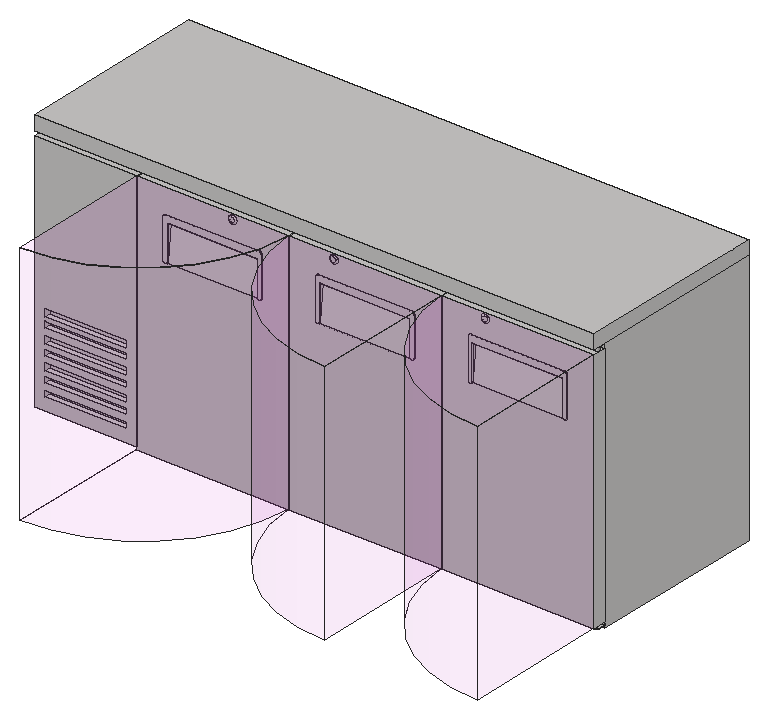
Revit family "QF_True_TBB24-72-3S-Z1-SFT-S-1_Solid_Swing_Door_Back_Bar", category Specialty Equipment, Revit 2021 (continued)
Definition of nested family "Family3"
  Definition of nested family "5 INCHES 01_CASTER 2"
    Reference planes (in)
      plane 2 "RIGHT": x = 0
      plane 3 "FRONT": y = 0
      plane 4 "TOP": z = 5
    Forms (in)
      Revolve 1, solid, visible <- "Show 5" Casters"
        sketch origin (-1.93794, 0.99859, -1.0041) x (1, 0, 0) y (0, 0, 1)
          loop
            line (0.74055, 3.0041) -> (0.74055, 2.9286) -> (0.79055, 2.8786) -> (0.85055, 2.8786) -> (0.85055, 2.75852) -> (1.235, 2.75852) -> (1.235, 2.56618) -> (1.37557, 2.48502) -> (1.49133, 1.76972) -> (1.34375, 1.76972) -> (1.34375, 1.53535) -> (1.375, 1.53535) -> (1.375, 1.0041) -> (2.48438, 1.0041) -> (2.48438, 1.53535) -> (2.51563, 1.53535) -> (2.51563, 1.76972) -> (2.36805, 1.76972) -> (2.48438, 2.48853) -> (2.62438, 2.56936) -> (2.62438, 2.75852) -> (3.04007, 2.75852) -> (3.04007, 2.8786) -> (3.10007, 2.8786) -> (3.15007, 2.9286) -> (3.15007, 3.0041) -> (0.74055, 3.0041)
          axis (0.74055, 3.0041) -> (3.15007, 3.0041)
        angle from 0 to 360
      Extrusion 2, solid, visible <- "Show 5" Casters"
        sketch origin (-1.93794, 1.96337, -0.7541) x (0, 1, 0) y (0, 0, 1)
          loop
            line (-3.37739, 5.33423) -> (-3.37739, 4.92712) -> (-2.49294, 4.92712)
            arc (-2.49294, 4.92712) -> (-1.47209, 4.91752) -> (-0.46376, 4.75787) r 6.92153
            arc (-0.46376, 4.75787) -> (0.14199, 4.53396) -> (0.67481, 4.16904) r 2.62713
            line (0.67481, 4.16904) -> (0.7876, 4.33012)
            arc (0.7876, 4.33012) -> (0.48098, 4.5674) -> (0.13288, 4.73811) r 1.91675
            line (0.13288, 4.73811) -> (0.21197, 4.87494)
            arc (0.21197, 4.87494) -> (-0.1576, 5.02102) -> (-0.54934, 5.08775) r 1.91675
            line (-0.54934, 5.08775) -> (-0.54934, 5.33423) -> (-3.37739, 5.33423)
        from 1.17357 to 2.70231
      Revolve 3, solid, visible <- "Show 5" Casters"
        sketch origin (0, 2.15543, -1.25) x (0, 1, 0) y (0, 0, 1)
          loop
            line (-2.21793, 6.25) -> (-2.21793, 5.83014) -> (-1.05793, 5.83014) -> (-1.05793, 6.25) -> (-2.21793, 6.25)
          axis (-2.21793, 5.83014) -> (-2.21793, 6.25)
        angle from 0 to 360
      Extrusion 4, solid, visible <- "Show 5" Casters"
        sketch origin (-1.98481, 1.96337, -0.7541) x (0, 1, 0) y (0, 0, 1)
          loop
            line (-3.37739, 5.33423) -> (-3.37739, 4.92712) -> (-3.13361, 4.92712)
            arc (-3.13361, 4.92712) -> (-2.12623, 3.92533) -> (-1.55834, 2.62307) r 3.79122
            arc (-1.55834, 2.62307) -> (-0.81477, 2.14247) -> (-0.31772, 2.87515) r 0.63314
            arc (-0.31772, 2.87515) -> (-0.02244, 3.67728) -> (0.68637, 4.15498) r 1.39003
            line (0.68637, 4.15498) -> (0.7876, 4.33012)
            arc (0.7876, 4.33012) -> (0.48098, 4.5674) -> (0.13288, 4.73811) r 1.91675
            line (0.13288, 4.73811) -> (0.21197, 4.87494)
            arc (0.21197, 4.87494) -> (-0.1576, 5.02102) -> (-0.54934, 5.08775) r 1.91675
            line (-0.54934, 5.08775) -> (-0.54934, 5.33423) -> (-3.37739, 5.33423)
        from 2.74918 to 2.90825
      Extrusion 5, solid, visible <- "Show 5" Casters"
        sketch origin (1.98481, 1.96337, -0.7541) x (0, 1, 0) y (0, 0, -1)
          loop
            line (-3.37739, -5.33423) -> (-0.54934, -5.33423) -> (-0.54934, -5.08775)
            arc (-0.54934, -5.08775) -> (-0.1576, -5.02102) -> (0.21197, -4.87494) r 1.91675
            line (0.21197, -4.87494) -> (0.13288, -4.73811)
            arc (0.13288, -4.73811) -> (0.48098, -4.5674) -> (0.7876, -4.33012) r 1.91675
            line (0.7876, -4.33012) -> (0.68637, -4.15498)
            arc (0.68637, -4.15498) -> (-0.02244, -3.67728) -> (-0.31772, -2.87515) r 1.39003
            arc (-0.31772, -2.87515) -> (-0.81477, -2.14247) -> (-1.55834, -2.62307) r 0.63314
            arc (-1.55834, -2.62307) -> (-2.12623, -3.92533) -> (-3.13361, -4.92712) r 3.79122
            line (-3.13361, -4.92712) -> (-3.37739, -4.92712) -> (-3.37739, -5.33423)
        from 2.74918 to 2.90825
      Extrusion 6, solid, visible <- "Key Locks"
        sketch origin (-0.96875, 2.04726, -0.57589) x (0, 1, 0) y (0, 0, -1)
          loop
            line (-2.58496, -2.03961) -> (-1.89213, -2.43961) -> (-1.53273, -2.64711)
            arc (-1.53273, -2.64711) -> (-1.45411, -2.76529) -> (-1.38688, -2.89031) r 1.51617
            arc (-1.38688, -2.89031) -> (-1.13602, -3.13035) -> (-0.79652, -3.20306) r 0.63657
            arc (-0.79652, -3.20306) -> (-0.67098, -3.20163) -> (-0.54633, -3.21661) r 0.9589
            line (-0.54633, -3.21661) -> (0.23309, -3.66661) -> (0.42979, -3.32592)
            arc (0.42979, -3.32592) -> (0.46473, -3.10362) -> (0.3415, -2.91533) r 0.313
            line (0.3415, -2.91533) -> (0.21087, -3.04595)
            arc (0.21087, -3.04595) -> (0.24081, -3.14321) -> (0.14284, -3.17074) r 0.07109
            line (0.14284, -3.17074) -> (-0.52795, -2.78336)
            arc (-0.52795, -2.78336) -> (-0.62217, -2.51108) -> (-0.36609, -2.37904) r 0.22
            arc (-0.36609, -2.37904) -> (-0.3435, -2.357) -> (-0.33862, -2.32583) r 0.05
            arc (-0.33862, -2.32583) -> (-0.50047, -2.10967) -> (-0.75504, -2.01961) r 0.46592
            line (-0.75504, -2.01961) -> (-1.49574, -2.01961)
            arc (-1.49574, -2.01961) -> (-1.57675, -2.00894) -> (-1.65224, -1.97767) r 0.313
            line (-1.65224, -1.97767) -> (-2.05389, -1.74578)
            arc (-2.05389, -1.74578) -> (-2.2914, -1.71451) -> (-2.48146, -1.86034) r 0.313
            line (-2.48146, -1.86034) -> (-2.58496, -2.03961)
        from 0 to 0.0625
      Extrusion 7, solid, visible <- "Key Locks"
        sketch origin (-0.96875, 2.04726, -0.57589) x (0, 1, 0) y (0, 0, -1)
          loop
            line (-0.45692, -2.6604) -> (0.47061, -3.19578)
            arc (0.47061, -3.19578) -> (0.44304, -3.03852) -> (0.3415, -2.91533) r 0.313
            line (0.3415, -2.91533) -> (-0.36656, -2.53415)
            arc (-0.36656, -2.53415) -> (-0.48136, -2.54745) -> (-0.45692, -2.6604) r 0.078
        from 0 to 0.5
      Extrusion 8, solid, visible <- "Key Locks"
        sketch origin (0.96875, 2.04726, -0.57589) x (0, 1, 0) y (0, 0, 1)
          loop
            line (-2.58496, 2.03961) -> (-2.48146, 1.86034)
            arc (-2.48146, 1.86034) -> (-2.2914, 1.71451) -> (-2.05389, 1.74578) r 0.313
            line (-2.05389, 1.74578) -> (-1.65224, 1.97767)
            arc (-1.65224, 1.97767) -> (-1.57675, 2.00894) -> (-1.49574, 2.01961) r 0.313
            line (-1.49574, 2.01961) -> (-0.75504, 2.01961)
            arc (-0.75504, 2.01961) -> (-0.50047, 2.10967) -> (-0.33862, 2.32583) r 0.46592
            arc (-0.33862, 2.32583) -> (-0.3435, 2.357) -> (-0.36609, 2.37904) r 0.05
            arc (-0.36609, 2.37904) -> (-0.62217, 2.51108) -> (-0.52795, 2.78336) r 0.22
            line (-0.52795, 2.78336) -> (0.14284, 3.17074)
            arc (0.14284, 3.17074) -> (0.24081, 3.14321) -> (0.21087, 3.04595) r 0.07109
            line (0.21087, 3.04595) -> (0.3415, 2.91533)
            arc (0.3415, 2.91533) -> (0.46473, 3.10362) -> (0.42979, 3.32592) r 0.313
            line (0.42979, 3.32592) -> (0.23309, 3.66661) -> (-0.54633, 3.21661)
            arc (-0.54633, 3.21661) -> (-0.67098, 3.20163) -> (-0.79652, 3.20306) r 0.9589
            arc (-0.79652, 3.20306) -> (-1.13602, 3.13035) -> (-1.38688, 2.89031) r 0.63657
            arc (-1.38688, 2.89031) -> (-1.45411, 2.76529) -> (-1.53273, 2.64711) r 1.51617
            line (-1.53273, 2.64711) -> (-1.89213, 2.43961) -> (-2.58496, 2.03961)
        from 0 to 0.0625
      Extrusion 9, solid, visible <- "Key Locks"
        sketch origin (0.96875, 2.04726, -0.57589) x (0, 1, 0) y (0, 0, 1)
          loop
            arc (-0.45692, 2.6604) -> (-0.48136, 2.54745) -> (-0.36656, 2.53415) r 0.078
            line (-0.36656, 2.53415) -> (0.3415, 2.91533)
            arc (0.3415, 2.91533) -> (0.44304, 3.03852) -> (0.47061, 3.19578) r 0.313
            line (0.47061, 3.19578) -> (-0.45692, 2.6604)
        from 0 to 0.5
    Cuts and joins
      joined: Extrusion 2, Extrusion 4, Extrusion 5
    Lines and regions (in)
      symbolic lines, visible <- "Show 5" Casters"
        curve 1: line (0.54262, 2.21348, 0) -> (1.50337, 1.65879, 0)
        curve 2: line (-1.45738, -1.25062, 0) -> (-0.70738, 0.04842, 0)
        curve 3: line (-0.49663, -1.80531, 0) -> (-1.45738, -1.25062, 0)
        curve 4: line (1.50337, 1.65879, 0) -> (0.75337, 0.35975, 0)
        curve 5: line (-0.20738, 0.91444, 0) -> (0.54262, 2.21348, 0)
        curve 6: line (0.25337, -0.50627, 0) -> (-0.49663, -1.80531, 0)
    Dimensions and locks (in)
      plane 4 "TOP" to level = 5"  (x2)
      aligned and locked: level to plane 1
  Definition of nested family "6 INCHES LEGS"
    Parameters (values of type "6 INCHES LEGS")
      Weight = ""
      URL Manufacturer = ""
      URL Cutsheet = ""
      URL = ""
      Type Mark [instance] = ""
      Status [instance] = ""
      Specification by User [instance] = ""
      Specification by Manufacturer = ""
      Show 6" Legs [instance] = yes
      Show Seismic Flanged [instance] = yes
      Serial Number = ""
      Seismic Rating = ""
      SMACNA No = ""
      Revision Code [instance] = ""
      Omniclass Number and Title = ""
      NAFEM Spec ID Number = ""
      Model = ""
      MasterSpec. = ""
      Manufacturer = ""
      Item Number [instance] = ""
      Installed By [instance] = ""
      Identify Quantity as Lot [instance] = yes
      Furnished By [instance] = ""
      Foodservice Equipment Identifier [instance] = yes
      Description = ""
      Default Elevation = 0"
      CSI MasterFormat = ""
      CSI Master Format = ""
      Assembly Code = ""
    Reference planes (in)
      plane 1: z = 0
      plane 2 "RIGHT": x = 0
      plane 3 "FRONT": y = 0
      plane 4 "TOP": z = 6
    Forms (in)
      Revolve 1, solid, visible <- "Show 6" Legs"
        sketch origin (11.12172, 0, 0) x (-1, 0, 0) y (0, 0, -1)
          loop
            line (11.12172, -6) -> (11.12172, 0) -> (10.62172, 0) -> (10.62172, -1.30261) -> (10.37172, -1.30261) -> (10.37172, -6) -> (11.12172, -6)
          axis (11.12172, 0) -> (11.12172, -6)
        angle from 0 to 360
      Extrusion 2, solid, visible <- "Show Seismic Flanged"
        sketch origin (0, 0, 0) x (1, 0, 0) y (0, 1, 0)
          loop
            circle (0, 0) r 1
        from 0 to 0.03125
    Dimensions and locks (in)
      plane 4 "TOP" to level = 6"  (x2)
      locked: Revolve 1 sketch curve to Revolve 1 sketch curve at 1.30261
      locked: Revolve 1 sketch curve to Revolve 1 sketch curve at 0.75
      aligned and locked: level to plane 1
  Definition of nested family "6 INCHES LEGS WITH FLANGED"
    Parameters (values of type "6 INCHES LEGS WITH FLANGED")
      Weight = ""
      URL Manufacturer = ""
      URL Cutsheet = ""
      URL = ""
      Type Mark [instance] = ""
      Status [instance] = ""
      Specification by User [instance] = ""
      Specification by Manufacturer = ""
      Show 6" Seismic Flanged [instance] = yes
      Serial Number = ""
      Seismic Rating = ""
      SMACNA No = ""
      Revision Code [instance] = ""
      Omniclass Number and Title = ""
      NAFEM Spec ID Number = ""
      Model = ""
      MasterSpec. = ""
      Manufacturer = ""
      Item Number [instance] = ""
      Installed By [instance] = ""
      Identify Quantity as Lot [instance] = yes
      Furnished By [instance] = ""
      Foodservice Equipment Identifier [instance] = yes
      Description = ""
      Default Elevation = 0"
      CSI MasterFormat = ""
      CSI Master Format = ""
      Assembly Code = ""
    Reference planes (in)
      plane 1: z = 0
      plane 2 "RIGHT": x = 0
      plane 3 "FRONT": y = 0
      plane 4 "TOP": z = 6
    Forms (in)
      Revolve 1, solid, visible <- "Show 6" Seismic Flanged"
        sketch origin (11.12172, 0, 0) x (-1, 0, 0) y (0, 0, -1)
          loop
            line (11.12172, -6) -> (11.12172, 0) -> (10.62172, 0) -> (10.62172, -1.30261) -> (10.37172, -1.30261) -> (10.37172, -6) -> (11.12172, -6)
          axis (11.12172, 0) -> (11.12172, -6)
        angle from 0 to 360
      Extrusion 2, solid, visible <- "Show 6" Seismic Flanged"
        sketch origin (0, 0, 0) x (1, 0, 0) y (0, 1, 0)
          loop
            circle (0, 0) r 1
        from 0 to 0.03125
    Dimensions and locks (in)
      plane 4 "TOP" to level = 6"  (x2)
      locked: Revolve 1 sketch curve to Revolve 1 sketch curve at 1.30261
      locked: Revolve 1 sketch curve to Revolve 1 sketch curve at 0.75
      aligned and locked: level to plane 1
